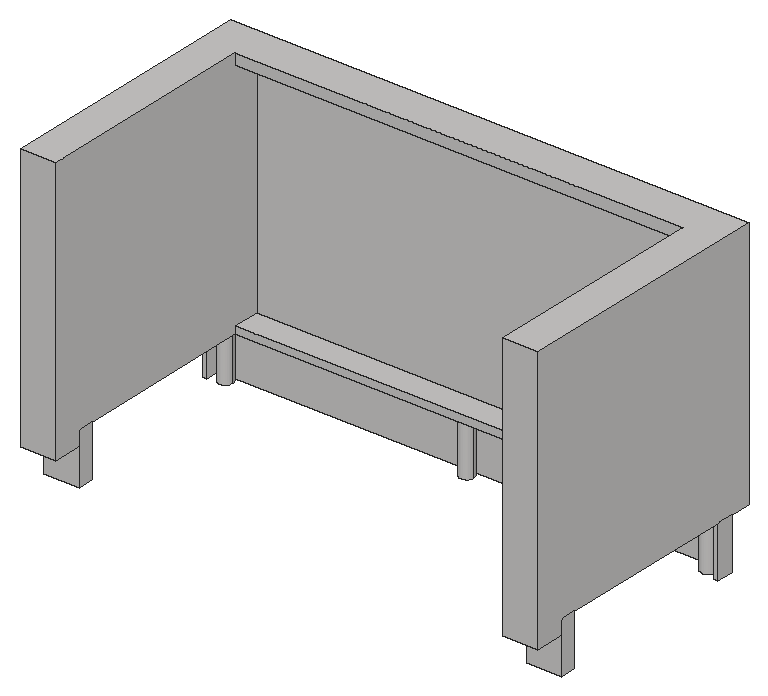
Revit family "Outdoor-Kitchen-Cabinets_Kalamazoo_Grill-Surrounds_Signature1", category Specialty Equipment, Revit 2018
Family settings
  Round Connector Dimension = Use Diameter
  Part Type = Normal
  OmniClass Number = 23.40.40.11
  OmniClass Title = Specialized Food Storage and Display Furnishings
  Work Plane-Based = No
  Always vertical = Yes
  Cut with Voids When Loaded = No
  Shared = No
  Room Calculation Point = No
Parameters (values of type "K-SURR-1000")
  Ι_Gnrc Mdl Optn 02 = Extension : -3/4"
  Ι_Gnrc Mdl Optn 01 = Extension : +3/4"
  Ι_Bttm_Prfl [instance] = if(Height Extension = Ι_Gnrc Mdl Optn 01, 5", if(Height Extension = Ι_Gnrc Mdl Optn 02, 3 1/2", 4 1/4"))  # 4 1/4"
  Width = 59"
  Weight (lb) = 315.00 lbf
  URL = "https://kalamazoogourmet.com/products/signature-k1000hb-grill-surround/"
  Type Comments = ""
  Product data url = "https://www.bimobject.com/en-us/kalamazoogourmet/product/signature-grill-surround"
  Product Material = Kalamazoo - Stainless Steel - 304 OR 316L
  Product Guid = "d20acd5e-0c06-401e-b3b6-0332ecc75748"  # constant formula
  Model = "K-SURR-1000"
  Manufacturer = "Kalamazoo Outdoor Gourmet\r\n"  # constant formula
  Keynote = "11400"
  I_K-SURR-1000 = Width > 36"  # yes
  Height Extension [instance] = Extension : None
  Height [instance] = Ι_Bttm_Prfl + 30 1/2"  # 34 3/4"
  Front Toe-Kick [instance] = yes
  Edition number = 1
  Description = "Signature K1000HB Grill Surround"
  Depth = 30"  # constant formula
  Back Toe-Kick [instance] = yes
  Assembly Code = "E1090310"
Types (4): name | Width | Weight (lb) | URL | Model | I_K-SURR-1000 | Description
  K-SURR-500 | 36" | 240.00 lbf | "https://kalamazoogourmet.com/products/signature-k500hb-grill-surround/" | "K-SURR-500" | no | "Signature K500HB Grill Surround"
  K-SURR-750G | 50" | 255.00 lbf | "https://kalamazoogourmet.com/products/signature-k750gb-grill-surround/" | "K-SURR-750G" | yes | "Signature K750GB Grill Surround"
  K-SURR-750H | 46" | 255.00 lbf | "https://kalamazoogourmet.com/products/signature-k750hb-grill-surround/" | "K-SURR-750H" | yes | "Signature K750HB Grill Surround"
  K-SURR-1000 | 59" | 315.00 lbf | "https://kalamazoogourmet.com/products/signature-k1000hb-grill-surround/" | "K-SURR-1000" | yes | "Signature K1000HB Grill Surround"
Reference planes (in)
  plane 1: y = 0
  plane 2: z = 0
  plane 3 "Center (Left/Right)": x = 0
  plane 4 "Center (Front/Back)": y = 30
  plane 5: x = 29.5
  plane 6: x = 25.5
  plane 7: y = 3.41499
  plane 8: y = 28.7175
  plane 9: x = -25.5
  plane 10: x = -29.5
  plane 11: z = 4.25
  plane 12: z = 34.75
  plane 13: z = 5.9235
  plane 14: x = -29.4
  plane 15: x = 29.4
  plane 16: x = -27.5145
  plane 17: x = 27.5145
  plane 18: y = 4.3565
  plane 19: y = 26.7575
  plane 20: z = 31.127
  plane 21: z = 25.09575
  plane 22: z = 6.7735
  plane 23: y = 25.63499
  plane 24: z = 33.4375
  plane 25: x = -27.452
  plane 26: x = 27.452
  plane 27: y = 25.712
Forms (in)
  Extrusion 1, solid, material "Kalamazoo - Stainless Steel - 304 OR 316L" <- "Product Material"
    sketch origin (0, 0, 0) x (1, 0, 0) y (0, 1, 0)
      loop
        circle (-27.5145, 26.7575) r 0.8125
      loop
        circle (27.5145, 26.7575) r 0.8125
    from 0 to 5.9235
  Extrusion 2, solid, material "Kalamazoo - Stainless Steel - 304 OR 316L" <- "Product Material", visible <- "I_K-SURR-1000", detail levels fine
    sketch origin (0, 0, 0) x (1, 0, 0) y (0, 1, 0)
      loop
        circle (0, 26.7575) r 0.8125
    from 0 to 5.9235
  Extrusion 3, solid, material "Kalamazoo - Stainless Steel - 304 OR 316L" <- "Product Material"
    sketch origin (0, 0, 0) x (1, 0, 0) y (0, 1, 0)
      loop
        circle (-27.5145, 4.3565) r 0.8125
      loop
        circle (27.5145, 4.3565) r 0.8125
    from 0 to 5.9235
  Extrusion 4, solid, material "Kalamazoo - Stainless Steel - 304 OR 316L", visible <- "Back Toe-Kick"
    sketch origin (0, 0, 0) x (1, 0, 0) y (0, 1, 0)
      loop
        line (29, 27.57) -> (29, 25.712) -> (29.5, 25.712) -> (29.5, 27.63) -> (-29.5, 27.63) -> (-29.5, 25.945) -> (-29, 25.945) -> (-29, 27.57) -> (29, 27.57)
    from 0 to 5.9235
  Extrusion 5, solid, material "Kalamazoo - Stainless Steel - 304 OR 316L", visible <- "Front Toe-Kick"
    sketch origin (0, 0, 0) x (1, 0, 0) y (0, 1, 0)
      loop
        line (-29.5, 5.169) -> (-29.5, 3.41499) -> (-25.5, 3.41499) -> (-25.5, 5.169) -> (-26, 5.169) -> (-26, 3.544) -> (-29, 3.544) -> (-29, 5.169) -> (-29.5, 5.169)
      loop
        line (29.5, 5.169) -> (29, 5.169) -> (29, 3.54413) -> (26, 3.54413) -> (26, 5.169) -> (25.5, 5.169) -> (25.5, 3.41499) -> (29.5, 3.41499) -> (29.5, 5.169)
    from 0 to 5.9235
Dimensions and locks (in)
  equal spacing: plane 10, plane 3 "Center (Left/Right)", plane 5
  "Width": plane 10 to plane 5
  "Depth": plane 1 to plane 4 "Center (Front/Back)"
  locked: plane 4 "Center (Front/Back)" to plane 19 at 3.2425
  "Height": level to plane 12
  locked: plane 10 to plane 9 at 4
  locked: plane 6 to plane 5 at 4
  locked: plane 10 to plane 14 at 0.1
  locked: plane 15 to plane 5 at 0.1
  locked: plane 10 to plane 16 at 1.9855
  locked: plane 17 to plane 5 at 1.9855
  locked: plane 13 to plane 11 at 1.6735
  locked: plane 22 to plane 13 at 0.85
  locked: plane 12 to plane 20 at 3.623
  locked: plane 20 to plane 21 at 6.03125
  locked: plane 4 "Center (Front/Back)" to plane 23 at 4.36501
  locked: plane 4 "Center (Front/Back)" to plane 8 at 1.2825
  locked: plane 12 to plane 24 at 1.3125
  locked: plane 18 to plane 1 at 4.3565
  locked: plane 7 to plane 1 at 3.41499
  locked: plane 10 to plane 25 at 2.048
  locked: plane 26 to plane 5 at 2.048
  locked: plane 27 to plane 23 at 0.07701
  "Ι_Bttm_Prfl": plane 11 to plane 2
  Extrusion 4 sketch curve to Extrusion 4 sketch curve to plane 19 to Extrusion 4 sketch curve = 0.06" locked, 13/16" locked, 13/16" locked
  locked: plane 19 to Extrusion 4 sketch curve at 1.0455
  Extrusion 5 sketch curve to plane 18 to Extrusion 5 sketch curve to Extrusion 5 sketch curve = 13/16" locked, 13/16" locked, 0.12901" locked
  locked: plane 18 to Extrusion 5 sketch curve at 0.8125  (x2)
  Extrusion 5 sketch curve to plane 18 to Extrusion 5 sketch curve to Extrusion 5 sketch curve = 13/16" locked, 0.81237" locked, 0.12914" locked
  locked: plane 6 to Extrusion 5 sketch curve at 0.5
  locked: Extrusion 5 sketch curve to plane 5 at 0.5
  aligned and locked: level to plane 2
  aligned and locked: plane 19 to Extrusion 1 sketch curve  (x2)
  aligned and locked: plane 16 to Extrusion 1 sketch curve
  aligned and locked: plane 17 to Extrusion 1 sketch curve
  aligned and locked: plane 13 to Extrusion 1
  aligned and locked: Extrusion 1 to level
  aligned and locked: plane 19 to Extrusion 2 sketch curve
  aligned and locked: plane 3 "Center (Left/Right)" to Extrusion 2 sketch curve
  aligned and locked: plane 13 to Extrusion 2
  aligned and locked: Extrusion 2 to level
  aligned and locked: plane 17 to Extrusion 3 sketch curve
  aligned and locked: plane 18 to Extrusion 3 sketch curve  (x2)
  aligned and locked: plane 16 to Extrusion 3 sketch curve
  aligned and locked: plane 13 to Extrusion 3
  aligned and locked: plane 1 to nested 1
  aligned and locked: plane 3 "Center (Left/Right)" to nested 1
  aligned and locked: nested 1 to plane 13
  aligned and locked: Extrusion 4 sketch curve to plane 10
  aligned and locked: plane 5 to Extrusion 4 sketch curve
  aligned and locked: plane 6 to Extrusion 5 sketch curve
  aligned and locked: Extrusion 5 sketch curve to plane 5
  aligned and locked: Extrusion 4 to plane 13
  aligned and locked: Extrusion 4 to plane 2
  aligned and locked: Extrusion 5 to plane 13
  aligned and locked: Extrusion 5 to plane 2
Automatic sketch dimensions
  plane 14 to Extrusion 4 sketch curve = 0.4"
  Extrusion 4 sketch curve to plane 15 = 0.4"
  Extrusion 5 sketch curve to plane 10 = 0"
  Extrusion 5 sketch curve to plane 9 = 0"
  plane 14 to Extrusion 5 sketch curve = 0.4"
  Extrusion 5 sketch curve to plane 9 = 1/2"
  radius of Extrusion 1 sketch curve = 13/16"  (x2)
  radius of Extrusion 2 sketch curve = 13/16"
  radius of Extrusion 3 sketch curve = 13/16"  (x2)
Nested families (in)
  nested 1: "Grill-Surrounds-and-Back-Panels" at (0, 0, -0.042), type "Load Type Catalog"
    with Height 34 3/4"
Definition of nested family "Grill-Surrounds-and-Back-Panels"
  Parameters (values of type "Load Type Catalog")
    Width = 59"
    Weight (lb) = 240.00 lbf
    URL = "https://kalamazoogourmet.com/products/signature-k500hb-grill-surround/"
    Type Comments = ""
    Product data url = ""
    Product Material = none
    Product Guid = ""
    Model = "K-SURR-500"
    Mass = 240.00 lbm
    Manufacturer = "Kalamazoo"  # constant formula
    Keynote = "11400"
    I_K-SURR-1000 = yes
    Height [instance] = 35 1/2"
    Edition number = 1
    Description = "SIGNATURE GRILL SURROUND"
    Depth = 30"
    Assembly Code = "E1090310"
  Reference planes (in)
    plane 1 "Center (Front/Back)": y = 0
    plane 2: z = 0
    plane 3 "Center (Left/Right)": x = 0
    plane 4: y = 30
    plane 5: x = 29.5
    plane 6: x = 25.5
    plane 7: y = 3.41499
    plane 8: y = 28.7175
    plane 9: x = -25.5
    plane 10: x = -29.5
    plane 11: z = 4.292
    plane 12: z = 35.5
    plane 13: z = 5.9655
    plane 14: x = -29.4
    plane 15: x = 29.4
    plane 16: x = -27.5145
    plane 17: x = 27.5145
    plane 18: y = 4.3565
    plane 19: y = 26.7575
    plane 20: z = 31.877
    plane 21: z = 25.84575
    plane 22: z = 6.8155
    plane 23: y = 25.63499
    plane 24: z = 34.1875
    plane 25: x = -27.452
    plane 26: x = 27.452
    plane 27: y = 25.712
  Forms (in)
    Extrusion 1, solid, material <- "Product Material", detail levels fine
      sketch origin (0, 0, 0) x (1, 0, 0) y (0, 1, 0)
        loop
          line (-25.5, 28.7175) -> (-25.5, 25.63499) -> (25.5, 25.63499) -> (25.5, 28.7175) -> (-25.5, 28.7175)
      from 34.1875 to 35.5
    Extrusion 2, solid, material <- "Product Material", detail levels fine
      sketch origin (0, 0, 0) x (1, 0, 0) y (0, 1, 0)
        loop
          line (-29.5, 30) -> (-29.5, 3.41499) -> (-25.5, 3.41499) -> (-25.5, 28.7175) -> (25.5, 28.7175) -> (25.5, 3.41499) -> (29.5, 3.41499) -> (29.5, 30) -> (-29.5, 30)
      from 5.9655 to 35.5
    Extrusion 3, solid, material <- "Product Material", detail levels fine
      sketch origin (0, 0, 0) x (1, 0, 0) y (0, 1, 0)
        loop
          line (-29.5, 3.41499) -> (-29.5, 0) -> (-25.5, 0) -> (-25.5, 3.41499) -> (-29.5, 3.41499)
        loop
          line (25.5, 3.41499) -> (25.5, 0) -> (29.5, 0) -> (29.5, 3.41499) -> (25.5, 3.41499)
      from 4.292 to 35.5
    Extrusion 4, solid, material <- "Product Material", detail levels fine
      sketch origin (0, 0, 0) x (1, 0, 0) y (0, 1, 0)
        loop
          line (-29.5, 30) -> (-29.5, 0) -> (-25.5, 0) -> (-25.5, 25.63499) -> (25.5, 25.63499) -> (25.5, 0) -> (29.5, 0) -> (29.5, 30) -> (-29.5, 30)
      from 5.9655 to 6.8155
    Extrusion 5, solid, material <- "Product Material", detail levels coarse+medium
      sketch origin (0, 0, 0) x (1, 0, 0) y (0, 1, 0)
        loop
          line (-29.5, 30) -> (-29.5, 0) -> (-25.5, 0) -> (-25.5, 25.63499) -> (25.5, 25.63499) -> (25.5, 0) -> (29.5, 0) -> (29.5, 30) -> (-29.5, 30)
      from 5.9655 to 35.5
  Cuts and joins
    joined: Extrusion 1, Extrusion 2, Extrusion 3, Extrusion 4
  Lines and regions (in)
    Masking region 1
      outline origin (0, 0, 0) x (1, 0, 0) y (0, 1, 0)
        loop
          line (-29.5, 30) -> (-29.5, 0) -> (-25.5, 0) -> (-25.5, 25.63499) -> (25.5, 25.63499) -> (25.5, 0) -> (29.5, 0) -> (29.5, 30) -> (-29.5, 30)
    symbolic lines, detail levels medium+fine
      curve 1: line (-29.5, 30, 0) -> (29.5, 30, 0)
      curve 2: line (-29.5, 0, 0) -> (-29.5, 30, 0)
      curve 3: line (29.5, 30, 0) -> (29.5, 0, 0)
      curve 4: line (-25.5, 28.7175, 0) -> (25.5, 28.7175, 0)
      curve 5: line (-25.5, 0, 0) -> (-25.5, 28.7175, 0)
      curve 6: line (25.5, 28.7175, 0) -> (25.5, 2.17854, 0)
      curve 7: line (-25.5, 25.63499, 0) -> (25.5, 25.63499, 0)
      curve 36: line (-29.5, 0, 0) -> (-25.5, 0, 0)
      curve 37: line (25.5, 2.17854, 0) -> (25.5, 0, 0)
      curve 38: line (25.5, 0, 0) -> (29.5, 0, 0)
      curve 41: arc (-27.12086, 26.04672, 0) -> (-27.10199, 27.45749, 0) -> (-28.327, 26.7575, 0) r 0.8125
      curve 42: arc (-28.327, 26.7575, 0) -> (-27.5145, 25.945, 0) -> (-26.702, 26.7575, 0) r 0.8125
      curve 43: arc (-26.702, 4.3565, 0) -> (-27.5145, 5.169, 0) -> (-28.327, 4.3565, 0) r 0.8125
      curve 44: arc (-28.327, 4.3565, 0) -> (-27.5145, 3.544, 0) -> (-26.702, 4.3565, 0) r 0.8125
      curve 45: arc (26.702, 4.3565, 0) -> (27.5145, 3.544, 0) -> (28.327, 4.3565, 0) r 0.8125
      curve 46: arc (28.327, 4.3565, 0) -> (27.5145, 5.169, 0) -> (26.702, 4.3565, 0) r 0.8125
      curve 47: arc (28.327, 26.7575, 0) -> (27.5145, 27.57, 0) -> (26.702, 26.7575, 0) r 0.8125
      curve 48: arc (26.702, 26.7575, 0) -> (27.5145, 25.945, 0) -> (28.327, 26.7575, 0) r 0.8125
      curve 49: arc (-26.702, 26.7575, 0) -> (-27.5145, 27.57, 0) -> (-28.327, 26.7575, 0) r 0.8125
      curve 50: arc (-28.327, 26.7575, 0) -> (-27.5145, 25.945, 0) -> (-26.702, 26.7575, 0) r 0.8125
      curve 51: arc (-26.702, 4.3565, 0) -> (-27.5145, 5.169, 0) -> (-28.327, 4.3565, 0) r 0.8125
      curve 52: arc (-28.327, 4.3565, 0) -> (-27.5145, 3.544, 0) -> (-26.702, 4.3565, 0) r 0.8125
    symbolic lines, detail levels fine
      curve 8: arc (-28.76019, 26.30221, 0) -> (-28.6248, 26.92497, 0) -> (-28.76017, 27.54774, 0) r 1.50009
      curve 9: arc (-28.76017, 27.54774, 0) -> (-28.95874, 27.777, 0) -> (-29.24974, 27.86247, 0) r 0.53813
      curve 10: line (-29.393, 27.86247, 0) -> (-29.5, 27.86247, 0)
      curve 11: line (-29.393, 27.86247, 0) -> (-29.24974, 27.86247, 0)
      curve 12: arc (-29.25, 25.9875, 0) -> (-28.95897, 26.07298, 0) -> (-28.76038, 26.30226, 0) r 0.53819
      curve 13: line (-29.5, 25.9875, 0) -> (-29.393, 25.9875, 0)
      curve 14: line (-29.393, 25.9875, 0) -> (-29.25, 25.9875, 0)
      curve 15: line (-29.25022, 3.2375, 0) -> (-29.393, 3.2375, 0)
      curve 16: line (-29.393, 3.2375, 0) -> (-29.5, 3.2375, 0)
      curve 17: arc (-29.25022, 3.2375, 0) -> (-28.95906, 3.32292, 0) -> (-28.76038, 3.55226, 0) r 0.53819
      curve 18: arc (-28.76038, 3.55226, 0) -> (-28.625, 4.175, 0) -> (-28.76038, 4.79774, 0) r 1.5
      curve 19: arc (-28.76038, 4.79774, 0) -> (-28.95897, 5.02702, 0) -> (-29.25, 5.1125, 0) r 0.53819
      curve 20: line (-29.393, 5.1125, 0) -> (-29.5, 5.1125, 0)
      curve 21: line (-29.25, 5.1125, 0) -> (-29.393, 5.1125, 0)
      curve 22: arc (28.76043, 3.55226, 0) -> (28.95903, 3.32297, 0) -> (29.25008, 3.23748, 0) r 0.53823
      curve 23: arc (28.76043, 4.79773, 0) -> (28.62505, 4.17499, 0) -> (28.76043, 3.55226, 0) r 1.49998
      curve 24: arc (29.25003, 5.11247, 0) -> (28.959, 5.027, 0) -> (28.76043, 4.79773, 0) r 0.53817
      curve 25: line (29.25008, 3.23748, 0) -> (29.393, 3.23748, 0)
      curve 26: line (29.393, 3.2375, 0) -> (29.5, 3.2375, 0)
      curve 27: line (29.393, 5.1125, 0) -> (29.25, 5.1125, 0)
      curve 28: line (29.393, 5.1125, 0) -> (29.5, 5.1125, 0)
      curve 29: arc (29.25, 27.8625, 0) -> (28.95897, 27.77702, 0) -> (28.76038, 27.54774, 0) r 0.53819
      curve 30: arc (28.76038, 27.54774, 0) -> (28.625, 26.925, 0) -> (28.76038, 26.30226, 0) r 1.5
      curve 31: arc (28.76038, 26.30226, 0) -> (28.95897, 26.07298, 0) -> (29.25, 25.9875, 0) r 0.53819
      curve 32: line (29.25, 25.9875, 0) -> (29.393, 25.9875, 0)
      curve 33: line (29.5, 25.9875, 0) -> (29.393, 25.9875, 0)
      curve 34: line (29.393, 27.8625, 0) -> (29.25, 27.8625, 0)
      curve 35: line (29.393, 27.8625, 0) -> (29.5, 27.8625, 0)
    symbolic lines, visible <- "I_K-SURR-1000", detail levels medium+fine
      curve 39: arc (0.8125, 26.7575, 0) -> (0, 27.57, 0) -> (-0.8125, 26.7575, 0) r 0.8125
      curve 40: arc (-0.8125, 26.7575, 0) -> (0, 25.945, 0) -> (0.8125, 26.7575, 0) r 0.8125
  Dimensions and locks (in)
    equal spacing: plane 10, plane 3 "Center (Left/Right)", plane 5
    "Width": plane 10 to plane 5
    "Depth": plane 1 "Center (Front/Back)" to plane 4
    locked: plane 4 to plane 19 at 3.2425
    "Height": level to plane 12
    locked: plane 10 to plane 9 at 4
    locked: plane 6 to plane 5 at 4
    locked: plane 10 to plane 14 at 0.1
    locked: plane 15 to plane 5 at 0.1
    locked: plane 10 to plane 16 at 1.9855
    locked: plane 17 to plane 5 at 1.9855
    locked: plane 11 to level at 4.292
    locked: plane 13 to plane 11 at 1.6735
    locked: plane 22 to plane 13 at 0.85
    locked: plane 12 to plane 20 at 3.623
    locked: plane 20 to plane 21 at 6.03125
    locked: plane 4 to plane 23 at 4.36501
    locked: plane 4 to plane 8 at 1.2825
    locked: plane 12 to plane 24 at 1.3125
    locked: plane 18 to plane 1 "Center (Front/Back)" at 4.3565
    locked: plane 7 to plane 1 "Center (Front/Back)" at 3.41499
    locked: plane 10 to plane 25 at 2.048
    locked: plane 26 to plane 5 at 2.048
    locked: plane 27 to plane 23 at 0.07701
    aligned and locked: level to plane 2
    aligned and locked: Masking region 1 sketch curve to plane 4
    aligned and locked: plane 10 to Masking region 1 sketch curve
    aligned and locked: Masking region 1 sketch curve to plane 5
    aligned and locked: Masking region 1 sketch curve to plane 1 "Center (Front/Back)"
    aligned and locked: plane 9 to Extrusion 1 sketch curve
    aligned and locked: Extrusion 1 sketch curve to plane 6
    aligned and locked: Extrusion 1 sketch curve to plane 8
    aligned and locked: Extrusion 1 sketch curve to plane 23
    aligned and locked: plane 8 to Extrusion 1
    aligned and locked: plane 12 to Extrusion 1
    aligned and locked: Extrusion 1 to plane 23
    aligned and locked: Extrusion 1 to plane 24
    aligned and locked: Extrusion 2 sketch curve to plane 5
    aligned and locked: Extrusion 2 sketch curve to plane 7  (x2)
    aligned and locked: Extrusion 2 sketch curve to plane 6
    aligned and locked: plane 9 to Extrusion 2 sketch curve
    aligned and locked: plane 10 to Extrusion 2 sketch curve
    aligned and locked: Extrusion 2 sketch curve to plane 4
    aligned and locked: Extrusion 2 sketch curve to plane 8
    aligned and locked: Extrusion 3 sketch curve to plane 7  (x2)
    aligned and locked: Extrusion 3 sketch curve to plane 9
    aligned and locked: Extrusion 3 sketch curve to plane 1 "Center (Front/Back)"  (x2)
    aligned and locked: plane 10 to Extrusion 3 sketch curve
    aligned and locked: Extrusion 3 sketch curve to plane 5
    aligned and locked: plane 6 to Extrusion 3 sketch curve
    aligned and locked: Extrusion 2 to plane 7
    aligned and locked: plane 4 to Extrusion 2
    aligned and locked: Extrusion 2 to plane 13
    aligned and locked: plane 12 to Extrusion 2
    aligned and locked: plane 12 to Extrusion 3
    aligned and locked: plane 1 "Center (Front/Back)" to Extrusion 3
    aligned and locked: plane 7 to Extrusion 3
    aligned and locked: Extrusion 3 to plane 11
    aligned and locked: plane 9 to curve 5
    aligned and locked: plane 10 to curve 2
    aligned and locked: plane 1 "Center (Front/Back)" to curve 36
    aligned and locked: plane 1 "Center (Front/Back)" to curve 38
    aligned and locked: curve 6 to plane 6
    aligned and locked: curve 1 to plane 4
    aligned and locked: curve 4 to plane 8
    aligned and locked: curve 7 to plane 23
    aligned and locked: Extrusion 4 sketch curve to plane 5
    aligned and locked: plane 10 to Extrusion 4 sketch curve
    aligned and locked: Extrusion 4 sketch curve to plane 4
    aligned and locked: Extrusion 4 sketch curve to plane 23
    aligned and locked: plane 9 to Extrusion 4 sketch curve
    aligned and locked: Extrusion 4 sketch curve to plane 6
    aligned and locked: plane 1 "Center (Front/Back)" to Extrusion 4 sketch curve
    aligned and locked: Extrusion 4 sketch curve to plane 1 "Center (Front/Back)"
    aligned and locked: Extrusion 4 to plane 13
    aligned and locked: plane 22 to Extrusion 4
    aligned and locked: plane 9 to Extrusion 5 sketch curve
    aligned and locked: Extrusion 5 sketch curve to plane 5
    aligned and locked: Extrusion 5 sketch curve to plane 6
    aligned and locked: Extrusion 5 sketch curve to plane 23
    aligned and locked: Extrusion 5 sketch curve to plane 4
    aligned and locked: plane 1 "Center (Front/Back)" to Extrusion 5 sketch curve  (x2)
    aligned and locked: plane 12 to Extrusion 5
    aligned and locked: Extrusion 5 to plane 13
    aligned and locked: plane 1 "Center (Front/Back)" to Masking region 1 sketch curve
    aligned and locked: plane 9 to Masking region 1 sketch curve
    aligned and locked: Masking region 1 sketch curve to plane 23
    aligned and locked: Masking region 1 sketch curve to plane 6
  Automatic sketch dimensions
    curve 41 to curve 42 = 0"
    curve 41 to curve 49 = 0"  (x2)
    curve 43 to curve 51 = 0"  (x2)
    curve 50 to plane 19 = 0"
    curve 43 to plane 18 = 0"
    curve 42 to plane 16 = 0"
    curve 43 to plane 16 = 0"
    curve 40 to plane 19 = 0"
    curve 39 to plane 3 "Center (Left/Right)" = 0"
    curve 47 to plane 19 = 0"
    curve 45 to plane 18 = 0"
    curve 47 to plane 17 = 0"
    curve 45 to plane 17 = 0"
    plane 19 to curve 8 = 0.16749"
    curve 8 to plane 10 = 0.62489"
    curve 18 to plane 18 = 0.1815"
    curve 18 to plane 10 = 5/8"
    plane 14 to curve 14 = 0.007"
    plane 14 to curve 20 = 0.007"
    plane 14 to curve 11 = 0.007"
    plane 14 to curve 15 = 0.007"
    curve 15 to curve 15 = 0.14278"
    plane 14 to curve 12 = 0.15"
    plane 14 to curve 17 = 0.15"
    plane 14 to curve 19 = 0.15"
    curve 10 to curve 11 = 0.14326"
    curve 31 to plane 15 = 0.15"
    curve 29 to plane 15 = 0.15"
    curve 24 to plane 15 = 0.14997"
    curve 22 to plane 15 = 0.14992"
    curve 32 to plane 15 = 0.007"
    curve 28 to plane 15 = 0.007"
    plane 19 to curve 30 = 0.1675"
    plane 5 to curve 30 = 5/8"
    curve 23 to plane 18 = 0.1815"
    plane 5 to curve 23 = 0.62503"
    curve 37 to plane 7 = 1.23645"
    curve 25 to plane 7 = 0.17751"
    curve 15 to plane 7 = 0.17749"
    plane 7 to curve 17 = 0.3607"
    plane 7 to curve 22 = 0.36072"
    plane 18 to curve 24 = 0.2178"
    plane 18 to curve 19 = 0.21781"
    curve 19 to curve 21 = 0.53819"
    curve 24 to curve 28 = 0.5382"
    plane 27 to curve 13 = 0.2755"
    plane 27 to curve 33 = 0.2755"
    curve 31 to plane 19 = 0.23181"
    curve 12 to plane 19 = 0.23181"
    plane 19 to curve 29 = 0.56681"
    plane 19 to curve 9 = 0.56684"
    curve 9 to curve 10 = 0.53813"
    curve 29 to curve 34 = 0.53819"
    curve 14 to curve 12 = 0"  (x2)
    curve 21 to curve 19 = 0"
    plane 18 to curve 19 = 0.44124"
    curve 18 to curve 17 = 0"
    curve 12 to curve 12 = 0.48962"
    curve 12 to curve 8 = 0.00019"
    curve 8 to curve 9 = 0"
    curve 8 to curve 50 = 0.43319"
    curve 18 to curve 43 = 0.43338"
    curve 51 to curve 43 = 0"
    curve 42 to curve 49 = 0"
    plane 25 to curve 41 = 0.33113"
    curve 40 to plane 3 "Center (Left/Right)" = 13/16"
    curve 47 to plane 26 = 3/4"
    curve 45 to plane 26 = 3/4"
    curve 30 to curve 29 = 0"
    curve 31 to curve 30 = 0"
    plane 18 to curve 24 = 0.44123"
    curve 23 to curve 24 = 0"
    curve 27 to curve 24 = 0.00003"
    curve 31 to curve 32 = 0"
    curve 35 to plane 15 = 0.007"
    curve 34 to curve 35 = 0"
    curve 25 to plane 15 = 0.007"
    curve 26 to curve 25 = 0"
    curve 25 to curve 26 = 0"
    curve 35 to curve 34 = 0"
    Extrusion 5 sketch curve to plane 10 = 0"
    curve 28 to plane 5 = 0"
